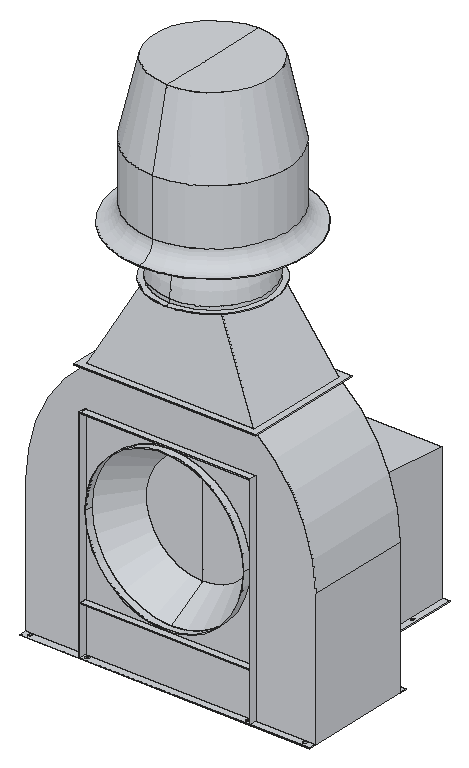
Revit family "CAVP", category Mechanical Equipment, Revit 2019 (continued)
Types (228): name | TRANSITION/2 | TRANSITION | R-((B/2)+1.5") | R+((B/2)+1.5") | R*1.1 | R | P | NOZZLE_WB_RAD-2" | NOZZLE_WB_RAD | NOZZLE_WB_OD | NOZZLE_WB/4 | NOZZLE_TOP_RAD | NOZZLE_TOP_OD | NOZZLE_SIZE | NOZZLE_HEIGHT/7*2 | NOZZLE_HEIGHT | NOZZLE_BOTTOM_RAD-3*2 | NOZZLE_BOTTOM_RAD | NOZZLE_BOTTOM_ID | N+(H/2) | N | M-(2*(D-L-K-J)) | M | L | K | J+K+L | J | HEIGHT | H/2 | H | F/2 | F | E/52*15 | E/2 | E | D-M | D-L-K-J | D | CLASS | C/2 | C | B/4 | B/2 | B | A/2 | A | Type Comments | -(F-((F-H)/2))/2 | (NOZZLE_WB_OD - NOZZLE_TOP_OD) / 4 | (NOZZLE_HEIGHT - (NOZZLE_HEIGHT / 8 * 2)) / 2 | (M - (2 * (D - L - K - J)))/2 | (F-((F-H)/2))/2 | (D-J-K-L)*2 | (B/2)-.125" | (B/2)+1.5" | ((M - (2 * (D - L - K - J))) / 2) + (TRANSITION / 2)
  730_CAVP-49H_CLASS_1 | 24.52777" | 49.05553" | 31" | 113" | 79.2" | 72" | 22 1/8" | 48 1/2" | 50 1/2" | 101" | 20.2" | 38" | 76" | 49" | 27 1/2" | 110" | 28 11/16" | 34 11/16" | 69 3/8" | 74 3/16" | 33 11/32" | 56 1/2" | 59 1/4" | 61 9/16" | 29 7/8" | 106 15/16" | 15 1/2" | 138.54216" | 40 27/32" | 81 11/16" | 41 27/32" | 83 11/16" | 43.95433" | 76 3/16" | 152 3/8" | 49 1/16" | 1 3/8" | 108 5/16" | 1" | 88 3/16" | 176 3/8" | 19 3/4" | 39 1/2" | 79" | 143 3/16" | 286 3/8" | "Vari-Plume Laboratory Exhaust Centrifugal Airfoil Class 1 Arr 10" | -39 27/32" | 6 1/4" | 41 1/4" | 28 1/4" | 39 27/32" | 2 3/4" | 39 3/8" | 41" | 52.77777"
  730_CAVP-49L_CLASS_1 | 24.52777" | 49.05553" | 31" | 113" | 79.2" | 72" | 22 1/8" | 48 1/2" | 50 1/2" | 101" | 20.2" | 38" | 76" | 49" | 27 1/2" | 110" | 28 11/16" | 34 11/16" | 69 3/8" | 74 3/16" | 33 11/32" | 56 1/2" | 59 1/4" | 61 9/16" | 29 7/8" | 106 15/16" | 15 1/2" | 138.54216" | 40 27/32" | 81 11/16" | 41 27/32" | 83 11/16" | 43.95433" | 76 3/16" | 152 3/8" | 49 1/16" | 1 3/8" | 108 5/16" | 1" | 88 3/16" | 176 3/8" | 19 3/4" | 39 1/2" | 79" | 143 3/16" | 286 3/8" | "Vari-Plume Laboratory Exhaust Centrifugal Airfoil Class 1 Arr 10" | -39 27/32" | 6 1/4" | 41 1/4" | 28 1/4" | 39 27/32" | 2 3/4" | 39 3/8" | 41" | 52.77777"
  730_CAVP-36H_CLASS_2 | 18.29639" | 36.59278" | 31" | 113" | 79.2" | 72" | 29 1/2" | 43" | 45" | 90" | 18" | 29" | 58" | 36" | 23 3/4" | 95" | 19 7/8" | 25 7/8" | 51 3/4" | 74 3/16" | 33 11/32" | 56 1/2" | 59 1/4" | 61 1/2" | 38 5/8" | 115 5/8" | 15 1/2" | 138.54216" | 40 27/32" | 81 11/16" | 41 27/32" | 83 11/16" | 43.95433" | 76 3/16" | 152 3/8" | 57 3/4" | 1 3/8" | 117" | 2" | 88 3/16" | 176 3/8" | 19 3/4" | 39 1/2" | 79" | 143 3/16" | 286 3/8" | "Vari-Plume Laboratory Exhaust Centrifugal Airfoil Class 2 Arr 10" | -39 27/32" | 8" | 35 5/8" | 28 1/4" | 39 27/32" | 2 3/4" | 39 3/8" | 41" | 46.54639"
  730_CAVP-36L_CLASS_2 | 18.29639" | 36.59278" | 31" | 113" | 79.2" | 72" | 29 1/2" | 43" | 45" | 90" | 18" | 29" | 58" | 36" | 23 3/4" | 95" | 19 7/8" | 25 7/8" | 51 3/4" | 74 3/16" | 33 11/32" | 56 1/2" | 59 1/4" | 61 1/2" | 38 5/8" | 115 5/8" | 15 1/2" | 138.54216" | 40 27/32" | 81 11/16" | 41 27/32" | 83 11/16" | 43.95433" | 76 3/16" | 152 3/8" | 57 3/4" | 1 3/8" | 117" | 2" | 88 3/16" | 176 3/8" | 19 3/4" | 39 1/2" | 79" | 143 3/16" | 286 3/8" | "Vari-Plume Laboratory Exhaust Centrifugal Airfoil Class 2 Arr 10" | -39 27/32" | 8" | 35 5/8" | 28 1/4" | 39 27/32" | 2 3/4" | 39 3/8" | 41" | 46.54639"
  730_CAVP-49H_CLASS_2 | 24.52777" | 49.05553" | 31" | 113" | 79.2" | 72" | 29 1/2" | 48 1/2" | 50 1/2" | 101" | 20.2" | 38" | 76" | 49" | 27 1/2" | 110" | 28 11/16" | 34 11/16" | 69 3/8" | 74 3/16" | 33 11/32" | 56 1/2" | 59 1/4" | 61 1/2" | 38 5/8" | 115 5/8" | 15 1/2" | 138.54216" | 40 27/32" | 81 11/16" | 41 27/32" | 83 11/16" | 43.95433" | 76 3/16" | 152 3/8" | 57 3/4" | 1 3/8" | 117" | 2" | 88 3/16" | 176 3/8" | 19 3/4" | 39 1/2" | 79" | 143 3/16" | 286 3/8" | "Vari-Plume Laboratory Exhaust Centrifugal Airfoil Class 2 Arr 10" | -39 27/32" | 6 1/4" | 41 1/4" | 28 1/4" | 39 27/32" | 2 3/4" | 39 3/8" | 41" | 52.77777"
  730_CAVP-49L_CLASS_2 | 24.52777" | 49.05553" | 31" | 113" | 79.2" | 72" | 29 1/2" | 48 1/2" | 50 1/2" | 101" | 20.2" | 38" | 76" | 49" | 27 1/2" | 110" | 28 11/16" | 34 11/16" | 69 3/8" | 74 3/16" | 33 11/32" | 56 1/2" | 59 1/4" | 61 1/2" | 38 5/8" | 115 5/8" | 15 1/2" | 138.54216" | 40 27/32" | 81 11/16" | 41 27/32" | 83 11/16" | 43.95433" | 76 3/16" | 152 3/8" | 57 3/4" | 1 3/8" | 117" | 2" | 88 3/16" | 176 3/8" | 19 3/4" | 39 1/2" | 79" | 143 3/16" | 286 3/8" | "Vari-Plume Laboratory Exhaust Centrifugal Airfoil Class 2 Arr 10" | -39 27/32" | 6 1/4" | 41 1/4" | 28 1/4" | 39 27/32" | 2 3/4" | 39 3/8" | 41" | 52.77777"
  225_CAVP-15H_CLASS_1 | 7.5572" | 15.11441" | 9 1/32" | 39 15/32" | 26.675" | 24 1/4" | 60" | 16" | 18" | 36" | 7.2" | 11 1/2" | 23" | 15" | 10 3/4" | 43" | 4 11/16" | 10 11/16" | 21 3/8" | 22 5/32" | 8 11/32" | 17 7/16" | 19 7/16" | 21 7/16" | 15 1/8" | 45 1/16" | 8 1/2" | 45.34807" | 13 13/16" | 27 5/8" | 14 13/16" | 29 5/8" | 13.9363" | 24 5/32" | 48 5/16" | 26 5/8" | 1" | 46 1/16" | 1" | 29 19/32" | 59 3/16" | 6 55/64" | 13 23/32" | 27 7/16" | 53 11/32" | 106 11/16" | "Vari-Plume Laboratory Exhaust Centrifugal Airfoil Class 1 Arr 10" | -12 13/16" | 3 1/4" | 16 1/8" | 8 23/32" | 12 13/16" | 2" | 13 19/32" | 15 7/32" | 16.27595"
  270_CAVP-21H_CLASS_1 | 10.16466" | 20.32932" | 9 17/32" | 44 15/32" | 29.7" | 27" | 60" | 22 1/2" | 24 1/2" | 49" | 9.8" | 15 3/8" | 30 3/4" | 21" | 13 3/16" | 52 3/4" | 8 3/8" | 14 3/8" | 28 3/4" | 26 25/32" | 10 19/32" | 20 7/8" | 22 7/8" | 24 7/8" | 19 1/8" | 53 1/2" | 9 1/2" | 52.13754" | 16 3/16" | 32 3/8" | 17 3/16" | 34 3/8" | 16.60457" | 28 25/32" | 57 9/16" | 31 5/8" | 1" | 54 1/2" | 1" | 34 15/32" | 68 15/16" | 7 63/64" | 15 31/32" | 31 15/16" | 58 7/32" | 116 7/16" | "Vari-Plume Laboratory Exhaust Centrifugal Airfoil Class 1 Arr 10" | -15 3/16" | 4 9/16" | 19 25/32" | 10 7/16" | 15 3/16" | 2" | 15 27/32" | 17 15/32" | 20.60216"
  270_CAVP-21L_CLASS_1 | 10.16466" | 20.32932" | 9 17/32" | 44 15/32" | 29.7" | 27" | 60" | 22 1/2" | 24 1/2" | 49" | 9.8" | 15 3/8" | 30 3/4" | 21" | 13 3/16" | 52 3/4" | 8 3/8" | 14 3/8" | 28 3/4" | 26 25/32" | 10 19/32" | 20 7/8" | 22 7/8" | 24 7/8" | 19 1/8" | 53 1/2" | 9 1/2" | 52.13754" | 16 3/16" | 32 3/8" | 17 3/16" | 34 3/8" | 16.60457" | 28 25/32" | 57 9/16" | 31 5/8" | 1" | 54 1/2" | 1" | 34 15/32" | 68 15/16" | 7 63/64" | 15 31/32" | 31 15/16" | 58 7/32" | 116 7/16" | "Vari-Plume Laboratory Exhaust Centrifugal Airfoil Class 1 Arr 10" | -15 3/16" | 4 9/16" | 19 25/32" | 10 7/16" | 15 3/16" | 2" | 15 27/32" | 17 15/32" | 20.60216"
  270_CAVP-21H_CLASS_2 | 10.16466" | 20.32932" | 9 17/32" | 44 15/32" | 29.7" | 27" | 60" | 22 1/2" | 24 1/2" | 49" | 9.8" | 15 3/8" | 30 3/4" | 21" | 13 3/16" | 52 3/4" | 8 3/8" | 14 3/8" | 28 3/4" | 26 3/16" | 10" | 20 7/8" | 22 7/8" | 24 7/8" | 21 3/8" | 55 1/2" | 9 1/4" | 52.13754" | 16 3/16" | 32 3/8" | 17 3/16" | 34 3/8" | 16.60457" | 28 25/32" | 57 9/16" | 33 5/8" | 1" | 56 1/2" | 2" | 34 15/32" | 68 15/16" | 7 63/64" | 15 31/32" | 31 15/16" | 58 7/32" | 116 7/16" | "Vari-Plume Laboratory Exhaust Centrifugal Airfoil Class 2 Arr 10" | -15 3/16" | 4 9/16" | 19 25/32" | 10 7/16" | 15 3/16" | 2" | 15 27/32" | 17 15/32" | 20.60216"
  270_CAVP-21L_CLASS_2 | 10.16466" | 20.32932" | 9 17/32" | 44 15/32" | 29.7" | 27" | 60" | 22 1/2" | 24 1/2" | 49" | 9.8" | 15 3/8" | 30 3/4" | 21" | 13 3/16" | 52 3/4" | 8 3/8" | 14 3/8" | 28 3/4" | 26 3/16" | 10" | 20 7/8" | 22 7/8" | 24 7/8" | 21 3/8" | 55 1/2" | 9 1/4" | 52.13754" | 16 3/16" | 32 3/8" | 17 3/16" | 34 3/8" | 16.60457" | 28 25/32" | 57 9/16" | 33 5/8" | 1" | 56 1/2" | 2" | 34 15/32" | 68 15/16" | 7 63/64" | 15 31/32" | 31 15/16" | 58 7/32" | 116 7/16" | "Vari-Plume Laboratory Exhaust Centrifugal Airfoil Class 2 Arr 10" | -15 3/16" | 4 9/16" | 19 25/32" | 10 7/16" | 15 3/16" | 2" | 15 27/32" | 17 15/32" | 20.60216"
  300_CAVP-21H_CLASS_1 | 10.16466" | 20.32932" | 11 1/32" | 48 31/32" | 33" | 30" | 60" | 22 1/2" | 24 1/2" | 49" | 9.8" | 15 3/8" | 30 3/4" | 21" | 13 3/16" | 52 3/4" | 8 3/8" | 14 3/8" | 28 3/4" | 29 7/8" | 12 3/16" | 23 3/16" | 25 3/16" | 27 3/16" | 19 1/8" | 56 5/16" | 10" | 57.83963" | 17 11/16" | 35 3/8" | 18 11/16" | 37 3/8" | 18.38942" | 31 7/8" | 63 3/4" | 32 1/8" | 1" | 57 5/16" | 1" | 37 15/32" | 74 15/16" | 8 47/64" | 17 15/32" | 34 15/16" | 61 7/32" | 122 7/16" | "Vari-Plume Laboratory Exhaust Centrifugal Airfoil Class 1 Arr 10" | -16 11/16" | 4 9/16" | 19 25/32" | 11 19/32" | 16 11/16" | 2" | 17 11/32" | 18 31/32" | 21.75841"
  300_CAVP-21L_CLASS_1 | 10.16466" | 20.32932" | 11 1/32" | 48 31/32" | 33" | 30" | 60" | 22 1/2" | 24 1/2" | 49" | 9.8" | 15 3/8" | 30 3/4" | 21" | 13 3/16" | 52 3/4" | 8 3/8" | 14 3/8" | 28 3/4" | 29 7/8" | 12 3/16" | 23 3/16" | 25 3/16" | 27 3/16" | 19 1/8" | 56 5/16" | 10" | 57.83963" | 17 11/16" | 35 3/8" | 18 11/16" | 37 3/8" | 18.38942" | 31 7/8" | 63 3/4" | 32 1/8" | 1" | 57 5/16" | 1" | 37 15/32" | 74 15/16" | 8 47/64" | 17 15/32" | 34 15/16" | 61 7/32" | 122 7/16" | "Vari-Plume Laboratory Exhaust Centrifugal Airfoil Class 1 Arr 10" | -16 11/16" | 4 9/16" | 19 25/32" | 11 19/32" | 16 11/16" | 2" | 17 11/32" | 18 31/32" | 21.75841"
  300_CAVP-21H_CLASS_2 | 10.16466" | 20.32932" | 11 1/32" | 48 31/32" | 33" | 30" | 18 1/4" | 22 1/2" | 24 1/2" | 49" | 9.8" | 15 3/8" | 30 3/4" | 21" | 13 3/16" | 52 3/4" | 8 3/8" | 14 3/8" | 28 3/4" | 29 7/8" | 12 3/16" | 23 3/16" | 25 3/16" | 27 3/16" | 23" | 60 3/16" | 10" | 57.83963" | 17 11/16" | 35 3/8" | 18 11/16" | 37 3/8" | 18.38942" | 31 7/8" | 63 3/4" | 36" | 1" | 61 3/16" | 2" | 37 15/32" | 74 15/16" | 8 47/64" | 17 15/32" | 34 15/16" | 61 7/32" | 122 7/16" | "Vari-Plume Laboratory Exhaust Centrifugal Airfoil Class 2 Arr 10" | -16 11/16" | 4 9/16" | 19 25/32" | 11 19/32" | 16 11/16" | 2" | 17 11/32" | 18 31/32" | 21.75841"
  300_CAVP-21L_CLASS_2 | 10.16466" | 20.32932" | 11 1/32" | 48 31/32" | 33" | 30" | 18 1/4" | 22 1/2" | 24 1/2" | 49" | 9.8" | 15 3/8" | 30 3/4" | 21" | 13 3/16" | 52 3/4" | 8 3/8" | 14 3/8" | 28 3/4" | 29 7/8" | 12 3/16" | 23 3/16" | 25 3/16" | 27 3/16" | 23" | 60 3/16" | 10" | 57.83963" | 17 11/16" | 35 3/8" | 18 11/16" | 37 3/8" | 18.38942" | 31 7/8" | 63 3/4" | 36" | 1" | 61 3/16" | 2" | 37 15/32" | 74 15/16" | 8 47/64" | 17 15/32" | 34 15/16" | 61 7/32" | 122 7/16" | "Vari-Plume Laboratory Exhaust Centrifugal Airfoil Class 2 Arr 10" | -16 11/16" | 4 9/16" | 19 25/32" | 11 19/32" | 16 11/16" | 2" | 17 11/32" | 18 31/32" | 21.75841"
  330_CAVP-21H_CLASS_1 | 10.16466" | 20.32932" | 12 17/32" | 53 15/32" | 36.3" | 33" | 60" | 22 1/2" | 24 1/2" | 49" | 9.8" | 15 3/8" | 30 3/4" | 21" | 13 3/16" | 52 3/4" | 8 3/8" | 14 3/8" | 28 3/4" | 32 31/32" | 13 25/32" | 25 1/2" | 27 1/2" | 29 1/2" | 19 1/4" | 59 1/4" | 10 1/2" | 63.54171" | 19 3/16" | 38 3/8" | 20 3/16" | 40 3/8" | 20.17428" | 34 31/32" | 69 15/16" | 32 3/4" | 1" | 60 1/4" | 1" | 41 13/32" | 82 13/16" | 9 31/64" | 18 31/32" | 37 15/16" | 72 7/32" | 144 7/16" | "Vari-Plume Laboratory Exhaust Centrifugal Airfoil Class 1 Arr 10" | -18 3/16" | 4 9/16" | 19 25/32" | 12 3/4" | 18 3/16" | 2" | 18 27/32" | 20 15/32" | 22.91466"
  330_CAVP-21L_CLASS_1 | 10.16466" | 20.32932" | 12 17/32" | 53 15/32" | 36.3" | 33" | 60" | 22 1/2" | 24 1/2" | 49" | 9.8" | 15 3/8" | 30 3/4" | 21" | 13 3/16" | 52 3/4" | 8 3/8" | 14 3/8" | 28 3/4" | 32 31/32" | 13 25/32" | 25 1/2" | 27 1/2" | 29 1/2" | 19 1/4" | 59 1/4" | 10 1/2" | 63.54171" | 19 3/16" | 38 3/8" | 20 3/16" | 40 3/8" | 20.17428" | 34 31/32" | 69 15/16" | 32 3/4" | 1" | 60 1/4" | 1" | 41 13/32" | 82 13/16" | 9 31/64" | 18 31/32" | 37 15/16" | 72 7/32" | 144 7/16" | "Vari-Plume Laboratory Exhaust Centrifugal Airfoil Class 1 Arr 10" | -18 3/16" | 4 9/16" | 19 25/32" | 12 3/4" | 18 3/16" | 2" | 18 27/32" | 20 15/32" | 22.91466"
  330_CAVP-21L_CLASS_2 | 10.16466" | 20.32932" | 12 17/32" | 53 15/32" | 36.3" | 33" | 60" | 22 1/2" | 24 1/2" | 49" | 9.8" | 15 3/8" | 30 3/4" | 21" | 13 3/16" | 52 3/4" | 8 3/8" | 14 3/8" | 28 3/4" | 32 31/32" | 13 25/32" | 25 1/2" | 27 1/2" | 29 1/2" | 23" | 63" | 10 1/2" | 63.54171" | 19 3/16" | 38 3/8" | 20 3/16" | 40 3/8" | 20.17428" | 34 31/32" | 69 15/16" | 36 1/2" | 1" | 64" | 2" | 41 13/32" | 82 13/16" | 9 31/64" | 18 31/32" | 37 15/16" | 72 7/32" | 144 7/16" | "Vari-Plume Laboratory Exhaust Centrifugal Airfoil Class 2 Arr 10" | -18 3/16" | 4 9/16" | 19 25/32" | 12 3/4" | 18 3/16" | 2" | 18 27/32" | 20 15/32" | 22.91466"
  330_CAVP-21H_CLASS_2 | 10.16466" | 20.32932" | 12 17/32" | 53 15/32" | 36.3" | 33" | 60" | 22 1/2" | 24 1/2" | 49" | 9.8" | 15 3/8" | 30 3/4" | 21" | 13 3/16" | 52 3/4" | 8 3/8" | 14 3/8" | 28 3/4" | 32 31/32" | 13 25/32" | 25 1/2" | 27 1/2" | 29 1/2" | 23" | 63" | 10 1/2" | 63.54171" | 19 3/16" | 38 3/8" | 20 3/16" | 40 3/8" | 20.17428" | 34 31/32" | 69 15/16" | 36 1/2" | 1" | 64" | 2" | 41 13/32" | 82 13/16" | 9 31/64" | 18 31/32" | 37 15/16" | 72 7/32" | 144 7/16" | "Vari-Plume Laboratory Exhaust Centrifugal Airfoil Class 2 Arr 10" | -18 3/16" | 4 9/16" | 19 25/32" | 12 3/4" | 18 3/16" | 2" | 18 27/32" | 20 15/32" | 22.91466"
  365_CAVP-21H_CLASS_1 | 10.16466" | 20.32932" | 13 9/32" | 58 23/32" | 39.6" | 36" | 18 1/4" | 22 1/2" | 24 1/2" | 49" | 9.8" | 15 3/8" | 30 3/4" | 21" | 13 3/16" | 52 3/4" | 8 3/8" | 14 3/8" | 28 3/4" | 36 21/32" | 15 7/32" | 28 1/8" | 30 1/8" | 32 1/8" | 22 3/4" | 65 7/8" | 11" | 69.76237" | 21 7/16" | 42 7/8" | 22 7/16" | 44 7/8" | 22.30168" | 38 21/32" | 77 5/16" | 36 3/4" | 1" | 66 7/8" | 1" | 46 3/32" | 92 3/16" | 10 39/64" | 21 7/32" | 42 7/16" | 76 29/32" | 153 13/16" | "Vari-Plume Laboratory Exhaust Centrifugal Airfoil Class 1 Arr 10" | -20 7/16" | 4 9/16" | 19 25/32" | 14 1/16" | 20 7/16" | 2" | 21 3/32" | 22 23/32" | 24.22716"
  365_CAVP-21L_CLASS_1 | 10.16466" | 20.32932" | 13 9/32" | 58 23/32" | 39.6" | 36" | 18 1/4" | 22 1/2" | 24 1/2" | 49" | 9.8" | 15 3/8" | 30 3/4" | 21" | 13 3/16" | 52 3/4" | 8 3/8" | 14 3/8" | 28 3/4" | 36 21/32" | 15 7/32" | 28 1/8" | 30 1/8" | 32 1/8" | 22 3/4" | 65 7/8" | 11" | 69.76237" | 21 7/16" | 42 7/8" | 22 7/16" | 44 7/8" | 22.30168" | 38 21/32" | 77 5/16" | 36 3/4" | 1" | 66 7/8" | 1" | 46 3/32" | 92 3/16" | 10 39/64" | 21 7/32" | 42 7/16" | 76 29/32" | 153 13/16" | "Vari-Plume Laboratory Exhaust Centrifugal Airfoil Class 1 Arr 10" | -20 7/16" | 4 9/16" | 19 25/32" | 14 1/16" | 20 7/16" | 2" | 21 3/32" | 22 23/32" | 24.22716"
  365_CAVP-21H_CLASS_2 | 10.16466" | 20.32932" | 13 9/32" | 58 23/32" | 39.6" | 36" | 18 1/2" | 22 1/2" | 24 1/2" | 49" | 9.8" | 15 3/8" | 30 3/4" | 21" | 13 3/16" | 52 3/4" | 8 3/8" | 14 3/8" | 28 3/4" | 36 21/32" | 15 7/32" | 28 1/8" | 30 1/8" | 32 1/8" | 23" | 66 1/8" | 11" | 69.76237" | 21 7/16" | 42 7/8" | 22 7/16" | 44 7/8" | 22.30168" | 38 21/32" | 77 5/16" | 37" | 1" | 67 1/8" | 2" | 46 3/32" | 92 3/16" | 10 39/64" | 21 7/32" | 42 7/16" | 76 29/32" | 153 13/16" | "Vari-Plume Laboratory Exhaust Centrifugal Airfoil Class 2 Arr 10" | -20 7/16" | 4 9/16" | 19 25/32" | 14 1/16" | 20 7/16" | 2" | 21 3/32" | 22 23/32" | 24.22716"
  365_CAVP-21L_CLASS_2 | 10.16466" | 20.32932" | 13 9/32" | 58 23/32" | 39.6" | 36" | 18 1/2" | 22 1/2" | 24 1/2" | 49" | 9.8" | 15 3/8" | 30 3/4" | 21" | 13 3/16" | 52 3/4" | 8 3/8" | 14 3/8" | 28 3/4" | 36 21/32" | 15 7/32" | 28 1/8" | 30 1/8" | 32 1/8" | 23" | 66 1/8" | 11" | 69.76237" | 21 7/16" | 42 7/8" | 22 7/16" | 44 7/8" | 22.30168" | 38 21/32" | 77 5/16" | 37" | 1" | 67 1/8" | 2" | 46 3/32" | 92 3/16" | 10 39/64" | 21 7/32" | 42 7/16" | 76 29/32" | 153 13/16" | "Vari-Plume Laboratory Exhaust Centrifugal Airfoil Class 2 Arr 10" | -20 7/16" | 4 9/16" | 19 25/32" | 14 1/16" | 20 7/16" | 2" | 21 3/32" | 22 23/32" | 24.22716"
  402_CAVP-21H_CLASS_1 | 10.16466" | 20.32932" | 15 29/32" | 64 3/32" | 44" | 40" | 18 1/4" | 22 1/2" | 24 1/2" | 49" | 9.8" | 15 3/8" | 30 3/4" | 21" | 13 3/16" | 52 3/4" | 8 3/8" | 14 3/8" | 28 3/4" | 40 15/32" | 17 3/32" | 31 1/2" | 34 1/4" | 36 1/2" | 21 7/8" | 70 7/8" | 12 1/2" | 77.09221" | 23 3/8" | 46 3/4" | 24 3/8" | 48 3/4" | 24.5012" | 42 15/32" | 84 15/16" | 38" | 1 3/8" | 72 1/4" | 1" | 50 3/8" | 100 3/4" | 11 19/64" | 22 19/32" | 45 3/16" | 89 3/8" | 178 3/4" | "Vari-Plume Laboratory Exhaust Centrifugal Airfoil Class 1 Arr 10" | -22 3/8" | 4 9/16" | 19 25/32" | 15 3/4" | 22 3/8" | 2 3/4" | 22 15/32" | 24 3/32" | 25.91466"
  402_CAVP-21L_CLASS_1 | 10.16466" | 20.32932" | 15 29/32" | 64 3/32" | 44" | 40" | 18 1/4" | 22 1/2" | 24 1/2" | 49" | 9.8" | 15 3/8" | 30 3/4" | 21" | 13 3/16" | 52 3/4" | 8 3/8" | 14 3/8" | 28 3/4" | 40 15/32" | 17 3/32" | 31 1/2" | 34 1/4" | 36 1/2" | 21 7/8" | 70 7/8" | 12 1/2" | 77.09221" | 23 3/8" | 46 3/4" | 24 3/8" | 48 3/4" | 24.5012" | 42 15/32" | 84 15/16" | 38" | 1 3/8" | 72 1/4" | 1" | 50 3/8" | 100 3/4" | 11 19/64" | 22 19/32" | 45 3/16" | 89 3/8" | 178 3/4" | "Vari-Plume Laboratory Exhaust Centrifugal Airfoil Class 1 Arr 10" | -22 3/8" | 4 9/16" | 19 25/32" | 15 3/4" | 22 3/8" | 2 3/4" | 22 15/32" | 24 3/32" | 25.91466"
  402_CAVP-21H_CLASS_2 | 10.16466" | 20.32932" | 15 29/32" | 64 3/32" | 44" | 40" | 19 1/2" | 22 1/2" | 24 1/2" | 49" | 9.8" | 15 3/8" | 30 3/4" | 21" | 13 3/16" | 52 3/4" | 8 3/8" | 14 3/8" | 28 3/4" | 40 15/32" | 17 3/32" | 31 1/2" | 34 1/4" | 36 1/2" | 21 7/8" | 70 7/8" | 12 1/2" | 77.09221" | 23 3/8" | 46 3/4" | 24 3/8" | 48 3/4" | 24.5012" | 42 15/32" | 84 15/16" | 38" | 1 3/8" | 72 1/4" | 2" | 50 3/8" | 100 3/4" | 11 19/64" | 22 19/32" | 45 3/16" | 89 3/8" | 178 3/4" | "Vari-Plume Laboratory Exhaust Centrifugal Airfoil Class 2 Arr 10" | -22 3/8" | 4 9/16" | 19 25/32" | 15 3/4" | 22 3/8" | 2 3/4" | 22 15/32" | 24 3/32" | 25.91466"
  402_CAVP-21L_CLASS_2 | 10.16466" | 20.32932" | 15 29/32" | 64 3/32" | 44" | 40" | 19 1/2" | 22 1/2" | 24 1/2" | 49" | 9.8" | 15 3/8" | 30 3/4" | 21" | 13 3/16" | 52 3/4" | 8 3/8" | 14 3/8" | 28 3/4" | 40 15/32" | 17 3/32" | 31 1/2" | 34 1/4" | 36 1/2" | 21 7/8" | 70 7/8" | 12 1/2" | 77.09221" | 23 3/8" | 46 3/4" | 24 3/8" | 48 3/4" | 24.5012" | 42 15/32" | 84 15/16" | 38" | 1 3/8" | 72 1/4" | 2" | 50 3/8" | 100 3/4" | 11 19/64" | 22 19/32" | 45 3/16" | 89 3/8" | 178 3/4" | "Vari-Plume Laboratory Exhaust Centrifugal Airfoil Class 2 Arr 10" | -22 3/8" | 4 9/16" | 19 25/32" | 15 3/4" | 22 3/8" | 2 3/4" | 22 15/32" | 24 3/32" | 25.91466"
  365_CAVP-27H_CLASS_1 | 13.54551" | 27.09103" | 13 9/32" | 58 23/32" | 39.6" | 36" | 18 1/4" | 28 1/2" | 30 1/2" | 61" | 12.2" | 19 27/32" | 39 11/16" | 27" | 15 5/32" | 60 5/8" | 13 5/32" | 19 5/32" | 38 5/16" | 36 21/32" | 15 7/32" | 28 1/8" | 30 1/8" | 32 1/8" | 22 3/4" | 65 7/8" | 11" | 69.76237" | 21 7/16" | 42 7/8" | 22 7/16" | 44 7/8" | 22.30168" | 38 21/32" | 77 5/16" | 36 3/4" | 1" | 66 7/8" | 1" | 46 3/32" | 92 3/16" | 10 39/64" | 21 7/32" | 42 7/16" | 76 29/32" | 153 13/16" | "Vari-Plume Laboratory Exhaust Centrifugal Airfoil Class 1 Arr 10" | -20 7/16" | 5 21/64" | 22 47/64" | 14 1/16" | 20 7/16" | 2" | 21 3/32" | 22 23/32" | 27.60801"
  365_CAVP-27L_CLASS_1 | 13.54551" | 27.09103" | 13 9/32" | 58 23/32" | 39.6" | 36" | 18 1/4" | 28 1/2" | 30 1/2" | 61" | 12.2" | 19 27/32" | 39 11/16" | 27" | 15 5/32" | 60 5/8" | 13 5/32" | 19 5/32" | 38 5/16" | 36 21/32" | 15 7/32" | 28 1/8" | 30 1/8" | 32 1/8" | 22 3/4" | 65 7/8" | 11" | 69.76237" | 21 7/16" | 42 7/8" | 22 7/16" | 44 7/8" | 22.30168" | 38 21/32" | 77 5/16" | 36 3/4" | 1" | 66 7/8" | 1" | 46 3/32" | 92 3/16" | 10 39/64" | 21 7/32" | 42 7/16" | 76 29/32" | 153 13/16" | "Vari-Plume Laboratory Exhaust Centrifugal Airfoil Class 1 Arr 10" | -20 7/16" | 5 21/64" | 22 47/64" | 14 1/16" | 20 7/16" | 2" | 21 3/32" | 22 23/32" | 27.60801"
  365_CAVP-27H_CLASS_2 | 13.54551" | 27.09103" | 13 9/32" | 58 23/32" | 39.6" | 36" | 18 1/2" | 28 1/2" | 30 1/2" | 61" | 12.2" | 19 27/32" | 39 11/16" | 27" | 15 5/32" | 60 5/8" | 13 5/32" | 19 5/32" | 38 5/16" | 36 21/32" | 15 7/32" | 28 1/8" | 30 1/8" | 32 1/8" | 23" | 66 1/8" | 11" | 69.76237" | 21 7/16" | 42 7/8" | 22 7/16" | 44 7/8" | 22.30168" | 38 21/32" | 77 5/16" | 37" | 1" | 67 1/8" | 2" | 46 3/32" | 92 3/16" | 10 39/64" | 21 7/32" | 42 7/16" | 76 29/32" | 153 13/16" | "Vari-Plume Laboratory Exhaust Centrifugal Airfoil Class 2 Arr 10" | -20 7/16" | 5 21/64" | 22 47/64" | 14 1/16" | 20 7/16" | 2" | 21 3/32" | 22 23/32" | 27.60801"
  365_CAVP-27L_CLASS_2 | 13.54551" | 27.09103" | 13 9/32" | 58 23/32" | 39.6" | 36" | 18 1/2" | 28 1/2" | 30 1/2" | 61" | 12.2" | 19 27/32" | 39 11/16" | 27" | 15 5/32" | 60 5/8" | 13 5/32" | 19 5/32" | 38 5/16" | 36 21/32" | 15 7/32" | 28 1/8" | 30 1/8" | 32 1/8" | 23" | 66 1/8" | 11" | 69.76237" | 21 7/16" | 42 7/8" | 22 7/16" | 44 7/8" | 22.30168" | 38 21/32" | 77 5/16" | 37" | 1" | 67 1/8" | 2" | 46 3/32" | 92 3/16" | 10 39/64" | 21 7/32" | 42 7/16" | 76 29/32" | 153 13/16" | "Vari-Plume Laboratory Exhaust Centrifugal Airfoil Class 2 Arr 10" | -20 7/16" | 5 21/64" | 22 47/64" | 14 1/16" | 20 7/16" | 2" | 21 3/32" | 22 23/32" | 27.60801"
  402_CAVP-27H_CLASS_1 | 13.54551" | 27.09103" | 15 29/32" | 64 3/32" | 44" | 40" | 18 1/4" | 28 1/2" | 30 1/2" | 61" | 12.2" | 19 27/32" | 39 11/16" | 27" | 15 5/32" | 60 5/8" | 13 5/32" | 19 5/32" | 38 5/16" | 40 15/32" | 17 3/32" | 31 1/2" | 34 1/4" | 36 1/2" | 21 7/8" | 70 7/8" | 12 1/2" | 77.09221" | 23 3/8" | 46 3/4" | 24 3/8" | 48 3/4" | 24.5012" | 42 15/32" | 84 15/16" | 38" | 1 3/8" | 72 1/4" | 1" | 50 3/8" | 100 3/4" | 11 19/64" | 22 19/32" | 45 3/16" | 89 3/8" | 178 3/4" | "Vari-Plume Laboratory Exhaust Centrifugal Airfoil Class 1 Arr 10" | -22 3/8" | 5 21/64" | 22 47/64" | 15 3/4" | 22 3/8" | 2 3/4" | 22 15/32" | 24 3/32" | 29.29551"
  402_CAVP-27L_CLASS_1 | 13.54551" | 27.09103" | 15 29/32" | 64 3/32" | 44" | 40" | 18 1/4" | 28 1/2" | 30 1/2" | 61" | 12.2" | 19 27/32" | 39 11/16" | 27" | 15 5/32" | 60 5/8" | 13 5/32" | 19 5/32" | 38 5/16" | 40 15/32" | 17 3/32" | 31 1/2" | 34 1/4" | 36 1/2" | 21 7/8" | 70 7/8" | 12 1/2" | 77.09221" | 23 3/8" | 46 3/4" | 24 3/8" | 48 3/4" | 24.5012" | 42 15/32" | 84 15/16" | 38" | 1 3/8" | 72 1/4" | 1" | 50 3/8" | 100 3/4" | 11 19/64" | 22 19/32" | 45 3/16" | 89 3/8" | 178 3/4" | "Vari-Plume Laboratory Exhaust Centrifugal Airfoil Class 1 Arr 10" | -22 3/8" | 5 21/64" | 22 47/64" | 15 3/4" | 22 3/8" | 2 3/4" | 22 15/32" | 24 3/32" | 29.29551"
  402_CAVP-27H_CLASS_2 | 13.54551" | 27.09103" | 15 29/32" | 64 3/32" | 44" | 40" | 19 1/2" | 28 1/2" | 30 1/2" | 61" | 12.2" | 19 27/32" | 39 11/16" | 27" | 15 5/32" | 60 5/8" | 13 5/32" | 19 5/32" | 38 5/16" | 40 15/32" | 17 3/32" | 31 1/2" | 34 1/4" | 36 1/2" | 21 7/8" | 70 7/8" | 12 1/2" | 77.09221" | 23 3/8" | 46 3/4" | 24 3/8" | 48 3/4" | 24.5012" | 42 15/32" | 84 15/16" | 38" | 1 3/8" | 72 1/4" | 2" | 50 3/8" | 100 3/4" | 11 19/64" | 22 19/32" | 45 3/16" | 89 3/8" | 178 3/4" | "Vari-Plume Laboratory Exhaust Centrifugal Airfoil Class 2 Arr 10" | -22 3/8" | 5 21/64" | 22 47/64" | 15 3/4" | 22 3/8" | 2 3/4" | 22 15/32" | 24 3/32" | 29.29551"
  402_CAVP-27L_CLASS_2 | 13.54551" | 27.09103" | 15 29/32" | 64 3/32" | 44" | 40" | 19 1/2" | 28 1/2" | 30 1/2" | 61" | 12.2" | 19 27/32" | 39 11/16" | 27" | 15 5/32" | 60 5/8" | 13 5/32" | 19 5/32" | 38 5/16" | 40 15/32" | 17 3/32" | 31 1/2" | 34 1/4" | 36 1/2" | 21 7/8" | 70 7/8" | 12 1/2" | 77.09221" | 23 3/8" | 46 3/4" | 24 3/8" | 48 3/4" | 24.5012" | 42 15/32" | 84 15/16" | 38" | 1 3/8" | 72 1/4" | 2" | 50 3/8" | 100 3/4" | 11 19/64" | 22 19/32" | 45 3/16" | 89 3/8" | 178 3/4" | "Vari-Plume Laboratory Exhaust Centrifugal Airfoil Class 2 Arr 10" | -22 3/8" | 5 21/64" | 22 47/64" | 15 3/4" | 22 3/8" | 2 3/4" | 22 15/32" | 24 3/32" | 29.29551"
  445_CAVP-27H_CLASS_1 | 13.54551" | 27.09103" | 17 25/32" | 70 7/32" | 48.4" | 44" | 18 1/4" | 28 1/2" | 30 1/2" | 61" | 12.2" | 19 27/32" | 39 11/16" | 27" | 15 5/32" | 60 5/8" | 13 5/32" | 19 5/32" | 38 5/16" | 44 27/32" | 19 15/32" | 34 3/4" | 37 1/2" | 39 3/4" | 25 7/8" | 78 5/8" | 13" | 84.91333" | 25 3/8" | 50 3/4" | 26 3/8" | 52 3/4" | 27.02524" | 46 27/32" | 93 11/16" | 42 1/2" | 1 3/8" | 80" | 1" | 56 7/16" | 112 7/8" | 12 23/64" | 24 23/32" | 49 7/16" | 95 7/16" | 190 7/8" | "Vari-Plume Laboratory Exhaust Centrifugal Airfoil Class 1 Arr 10" | -24 3/8" | 5 21/64" | 22 47/64" | 17 3/8" | 24 3/8" | 2 3/4" | 24 19/32" | 26 7/32" | 30.92051"
  445_CAVP-27L_CLASS_1 | 13.54551" | 27.09103" | 17 25/32" | 70 7/32" | 48.4" | 44" | 18 1/4" | 28 1/2" | 30 1/2" | 61" | 12.2" | 19 27/32" | 39 11/16" | 27" | 15 5/32" | 60 5/8" | 13 5/32" | 19 5/32" | 38 5/16" | 44 27/32" | 19 15/32" | 34 3/4" | 37 1/2" | 39 3/4" | 25 7/8" | 78 5/8" | 13" | 84.91333" | 25 3/8" | 50 3/4" | 26 3/8" | 52 3/4" | 27.02524" | 46 27/32" | 93 11/16" | 42 1/2" | 1 3/8" | 80" | 1" | 56 7/16" | 112 7/8" | 12 23/64" | 24 23/32" | 49 7/16" | 95 7/16" | 190 7/8" | "Vari-Plume Laboratory Exhaust Centrifugal Airfoil Class 1 Arr 10" | -24 3/8" | 5 21/64" | 22 47/64" | 17 3/8" | 24 3/8" | 2 3/4" | 24 19/32" | 26 7/32" | 30.92051"
  445_CAVP-27H_CLASS_2 | 13.54551" | 27.09103" | 17 25/32" | 70 7/32" | 48.4" | 44" | 19 1/2" | 28 1/2" | 30 1/2" | 61" | 12.2" | 19 27/32" | 39 11/16" | 27" | 15 5/32" | 60 5/8" | 13 5/32" | 19 5/32" | 38 5/16" | 44 27/32" | 19 15/32" | 34 3/4" | 37 1/2" | 39 3/4" | 25 7/8" | 78 5/8" | 13" | 84.91333" | 25 3/8" | 50 3/4" | 26 3/8" | 52 3/4" | 27.02524" | 46 27/32" | 93 11/16" | 42 1/2" | 1 3/8" | 80" | 2" | 56 7/16" | 112 7/8" | 12 23/64" | 24 23/32" | 49 7/16" | 95 7/16" | 190 7/8" | "Vari-Plume Laboratory Exhaust Centrifugal Airfoil Class 2 Arr 10" | -24 3/8" | 5 21/64" | 22 47/64" | 17 3/8" | 24 3/8" | 2 3/4" | 24 19/32" | 26 7/32" | 30.92051"
  445_CAVP-27L_CLASS_2 | 13.54551" | 27.09103" | 17 25/32" | 70 7/32" | 48.4" | 44" | 19 1/2" | 28 1/2" | 30 1/2" | 61" | 12.2" | 19 27/32" | 39 11/16" | 27" | 15 5/32" | 60 5/8" | 13 5/32" | 19 5/32" | 38 5/16" | 44 27/32" | 19 15/32" | 34 3/4" | 37 1/2" | 39 3/4" | 25 7/8" | 78 5/8" | 13" | 84.91333" | 25 3/8" | 50 3/4" | 26 3/8" | 52 3/4" | 27.02524" | 46 27/32" | 93 11/16" | 42 1/2" | 1 3/8" | 80" | 2" | 56 7/16" | 112 7/8" | 12 23/64" | 24 23/32" | 49 7/16" | 95 7/16" | 190 7/8" | "Vari-Plume Laboratory Exhaust Centrifugal Airfoil Class 2 Arr 10" | -24 3/8" | 5 21/64" | 22 47/64" | 17 3/8" | 24 3/8" | 2 3/4" | 24 19/32" | 26 7/32" | 30.92051"
  490_CAVP-27H_CLASS_1 | 13.54551" | 27.09103" | 19" | 77" | 52.8" | 48" | 18 1/2" | 28 1/2" | 30 1/2" | 61" | 12.2" | 19 27/32" | 39 11/16" | 27" | 15 5/32" | 60 5/8" | 13 5/32" | 19 5/32" | 38 5/16" | 49 15/32" | 20 5/8" | 38 3/16" | 40 15/16" | 43 3/16" | 21 7/8" | 78 9/16" | 13 1/2" | 92.95281" | 28 27/32" | 57 11/16" | 29 27/32" | 59 11/16" | 29.69351" | 51 15/32" | 102 15/16" | 39" | 1 3/8" | 79 15/16" | 1" | 61 17/32" | 123 1/16" | 13 3/4" | 27 1/2" | 55" | 108 29/32" | 217 13/16" | "Vari-Plume Laboratory Exhaust Centrifugal Airfoil Class 1 Arr 10" | -27 27/32" | 5 21/64" | 22 47/64" | 19 3/32" | 27 27/32" | 2 3/4" | 27 3/8" | 29" | 32.63926"
  490_CAVP-27L_CLASS_1 | 13.54551" | 27.09103" | 19" | 77" | 52.8" | 48" | 18 1/2" | 28 1/2" | 30 1/2" | 61" | 12.2" | 19 27/32" | 39 11/16" | 27" | 15 5/32" | 60 5/8" | 13 5/32" | 19 5/32" | 38 5/16" | 49 15/32" | 20 5/8" | 38 3/16" | 40 15/16" | 43 3/16" | 21 7/8" | 78 9/16" | 13 1/2" | 92.95281" | 28 27/32" | 57 11/16" | 29 27/32" | 59 11/16" | 29.69351" | 51 15/32" | 102 15/16" | 39" | 1 3/8" | 79 15/16" | 1" | 61 17/32" | 123 1/16" | 13 3/4" | 27 1/2" | 55" | 108 29/32" | 217 13/16" | "Vari-Plume Laboratory Exhaust Centrifugal Airfoil Class 1 Arr 10" | -27 27/32" | 5 21/64" | 22 47/64" | 19 3/32" | 27 27/32" | 2 3/4" | 27 3/8" | 29" | 32.63926"
  490_CAVP-27H_CLASS_2 | 13.54551" | 27.09103" | 19" | 77" | 52.8" | 48" | 21 7/8" | 28 1/2" | 30 1/2" | 61" | 12.2" | 19 27/32" | 39 11/16" | 27" | 15 5/32" | 60 5/8" | 13 5/32" | 19 5/32" | 38 5/16" | 49 15/32" | 20 5/8" | 38 3/16" | 40 15/16" | 43 3/16" | 25 7/8" | 82 9/16" | 13 1/2" | 92.95281" | 28 27/32" | 57 11/16" | 29 27/32" | 59 11/16" | 29.69351" | 51 15/32" | 102 15/16" | 43" | 1 3/8" | 83 15/16" | 2" | 61 17/32" | 123 1/16" | 13 3/4" | 27 1/2" | 55" | 108 29/32" | 217 13/16" | "Vari-Plume Laboratory Exhaust Centrifugal Airfoil Class 2 Arr 10" | -27 27/32" | 5 21/64" | 22 47/64" | 19 3/32" | 27 27/32" | 2 3/4" | 27 3/8" | 29" | 32.63926"
  490_CAVP-27L_CLASS_2 | 13.54551" | 27.09103" | 19" | 77" | 52.8" | 48" | 21 7/8" | 28 1/2" | 30 1/2" | 61" | 12.2" | 19 27/32" | 39 11/16" | 27" | 15 5/32" | 60 5/8" | 13 5/32" | 19 5/32" | 38 5/16" | 49 15/32" | 20 5/8" | 38 3/16" | 40 15/16" | 43 3/16" | 25 7/8" | 82 9/16" | 13 1/2" | 92.95281" | 28 27/32" | 57 11/16" | 29 27/32" | 59 11/16" | 29.69351" | 51 15/32" | 102 15/16" | 43" | 1 3/8" | 83 15/16" | 2" | 61 17/32" | 123 1/16" | 13 3/4" | 27 1/2" | 55" | 108 29/32" | 217 13/16" | "Vari-Plume Laboratory Exhaust Centrifugal Airfoil Class 2 Arr 10" | -27 27/32" | 5 21/64" | 22 47/64" | 19 3/32" | 27 27/32" | 2 3/4" | 27 3/8" | 29" | 32.63926"
